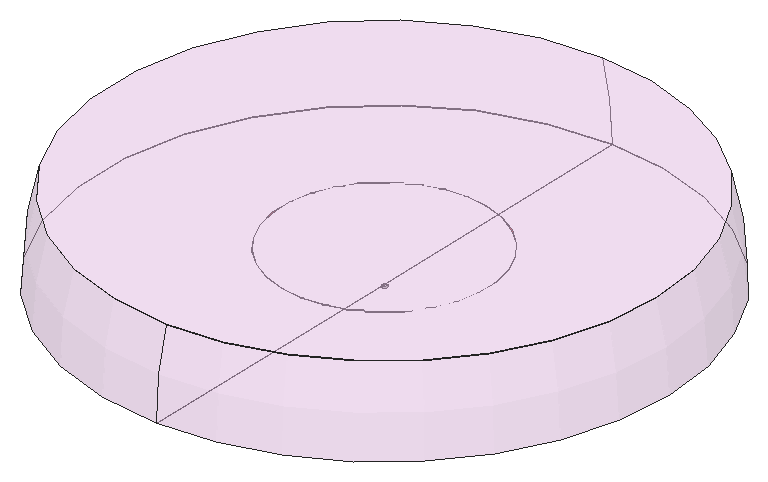
Revit family "Camera-Security-Panasonic-360-degree-Vandal_Resistant-Outdoor-Dome-Network-SFV481X", category Security Devices, host Face, Revit 2013
Parameters (values of type "WV-SFV481")
  z Void Direction [instance] = if((if(On Wall, 1, 0) + if(On Ceiling, 1, 0)) = 1, if(On Ceiling, 0, 1), 0)  # 0
  z Vertical FOV = 180.00°  # constant formula
  z VV Origin Height Offset [instance] = 2.38189"  # constant formula
  z VV Origin Height [instance] = z VV Origin Height Offset + z Base Offset  # 2.38189"
  z Lenz to PPM Target X [instance] = 0.07874" * Focal Length * 1000 / (PPM Actual * Scanning Area H / Horizontal Resolution) - z Lenz to PPM Target H  # 149.9671"
  z Lenz to PPM Target H [instance] = if(z Void Direction = 0, Distance to Floor - PPM Target Height - z VV Origin Height, Distance to Floor - PPM Target Height)  # 45.64961"
  z Horizontal FOV = 180.00°  # constant formula
  z Camera Center Offset [instance] = 0.000"  # constant formula
  z Camera Bottom Height [instance] = 0.000"  # constant formula
  z Camera Angle [instance] = 90.00°  # constant formula
  z Base Offset [instance] = if(Use Base Bracket, 1.41732", 0.000")  # 0.000"
  Wide Dynamic Range = yes
  Weight [instance] = if(Use Base Bracket, 2.87 lbf, 1.90 lbf)  # 1.90 lbf
  Water and Dust Resistance = "IP66, IEC60529 measuring standard compatible, Type 4X(UL50), NEMA 4X compliant"  # constant formula
  Voltage AC = 12 V
  Vandal Resistant = yes
  Use Base Bracket [instance] = no
  URL = "http://security.panasonic.com/pss/security/"
  Storage Temperature = "-40°F - 149°F"  # constant formula
  Show View Volume [instance] = yes
  Shock Resistance = "Compliant with 50J (IEC 60068-2-75 / IK10 (IEC 62262)"  # constant formula
  Scanning Area V = 0.21811"
  Scanning Area H = 0.21811"
  Resolution_9M [instance] = yes
  Resolution_4M [instance] = no
  Regulatory Compliance = "UL UL60950-1, C-UL CAN/CSA C22.2 No.60950-1, CE, IEC60950-1 FCC Part15 ClassA, ICES003 ClassA, EN55022 ClassB, EN55024"
  Provide Feedback = "https://www.surveymonkey.com/s/95FL6QY"
  Product Page URL = "http://security.panasonic.com/pss/security/products/hd/wv-sfv481/index.html"
  Product Material = Paint - Panasonic - Sail White
  Product Documentation Link = "http://ssbu-t.psn-web.net/Products/IP_camera/WV-SFV481/Specsheet/English/WV-SFV481-A4.pdf"
  Power Active = 10.9 W
  Part Number = Model  # "WV-SFV481"
  Part Description = Description  # "Security Camera, 360-degree, Vandal Resistant, Outdoor, Dome, 9 Megapixel, Network, SFV481"
  PPM Target Height = 70.07874"
  PPM Desired [instance] = 300
  PPM Actual [instance] = if(PPM Desired > 1, PPM Desired, 1)  # 300
  Original Creation Date = "December, 15, 2015"
  Operational Temperature = "-40°F - 122°F"  # constant formula
  Operational Humidity = "10% to 90% (no condensation)"
  On Wall [instance] = no
  On Ceiling [instance] = yes
  Mounting Positions = "Mount Dependent or Surface Mount"
  Model Disclaimer = "Contact Panasonic for more information"  # constant formula
  Model = "WV-SFV481"
  Minimum Illumination = 0.3 lx
  Manufacturer = "Panasonic"  # constant formula
  Indoor Or Outdoor = "Outdoor"
  IP Or Analog = "IP"
  Horizontal Resolution [instance] = if(and(not(Resolution_9M), not(Resolution_4M)), 2992, if(and(Resolution_9M, Resolution_4M), 2992, if(Resolution_9M, 2992, if(Resolution_4M, 2048, 2992))))  # 2992
  Height [instance] = if(Use Base Bracket, 3.79921", 2.38189")  # 2.38189"
  Has POE = yes
  Focal Length = 0.05433"
  Family Version = "1.0.0"  # constant formula
  Equipment Number [instance] = ""
  Equipment Abbreviation = "SC"
  Distance to Screen [instance] = 393.70079"
  Distance to PPM Target [instance] = if(z Lenz to PPM Target X < z Lenz to PPM Target H, 0.000", sqrt(z Lenz to PPM Target X ^ 2 - z Lenz to PPM Target H ^ 2))  # 142.85042"
  Distance to Floor [instance] = 118.11024"
  Distance to Ceiling [instance] = 0.000"
  Diameter [instance] = if(Use Base Bracket, 6.45669", 6.06299")  # 6.06299"
  Description = "Security Camera, 360-degree, Vandal Resistant, Outdoor, Dome, 9 Megapixel, Network, SFV481"
  Default Elevation = 0.000"
  Day Or Night = "Yes"
  Date Last Modified = "December, 13, 2016"
  Copyright = "Copyright © Panasonic"  # constant formula
  Communication Ports = "10Base-T / 100Base-TX, RJ-45"
  Audio Out = "Yes"
  Audio In = "Yes"
  Angle Of View = "180"
  Alarm Input Or Output Specification = "ALARM IN1 (DAY/NIGHT IN), ALARM IN2 (ALARM OUT), ALARM IN3 (AUX OUT)"
  Accessory Part Number [instance] = if(Use Base Bracket, "", "")  # ""
Reference planes (in)
  plane 1 "Center (Front/Back)": y = 0
  plane 2: z = 0
  plane 3 "Center (Left/Right)": x = 0
  plane 4: z = 0
  plane 5: y = 0
  plane 6: z = 15.43307
  plane 7: z = 0
  plane 8 "BP": z = 2.38189
Forms (in)
  Revolve 1, solid, material "Glass - Panasonic - Clear"
    sketch origin (0.02238, 0, -5.86941) x (0, 0, 1) y (1, 0, 0)
      loop
        line (8.2513, 0) -> (6.87335, 0) -> (6.87335, -1.37795)
        arc (6.87335, -1.37795) -> (7.8477, -0.97436) -> (8.2513, 0) r 1.37795
      axis (8.2513, 0) -> (6.87335, 0)
    angle from 0 to 360
  Revolve 2, solid, material "Paint - Panasonic - Sail White" <- "Product Material", visible <- "Use Base Bracket"
    sketch origin (0.00275, 0, 1.04502) x (0, 0, 1) y (1, 0, 0)
      loop
        line (-1.04502, -3.22835) -> (0.37231, -3.22835) -> (0.37231, 0) -> (-1.04502, 0) -> (-1.04502, -3.22835)
      axis (0.37231, 0) -> (-1.04502, 0)
    angle from 0 to 360
  Revolve 3, solid, material "Paint - Panasonic - Sail White" <- "Product Material", visible <- "Use Base Bracket"
    sketch origin (0, 0, 0) x (0, 0, 1) y (1, 0, 0)
      loop
        line (1.03328, 0) -> (1.03328, 1.15) -> (0, 1.15) -> (0, 0) -> (1.03328, 0)
      axis (1.03328, 0) -> (0, 0)
    angle from 0 to 360
  Revolve 4, solid, material "Paint - Panasonic - Sail White" <- "Product Material"
    sketch origin (0, -1.26558, -4.22233) x (0, 0, 1) y (0, -1, 0)
      loop
        line (5.20658, 1.76591) -> (4.22233, 1.76591) -> (4.22233, -1.26558) -> (5.93493, -1.26558) -> (5.93493, 0.30922) -> (5.20658, 1.76591)
      axis (4.22233, -1.26558) -> (5.93493, -1.26558)
    angle from 0 to 360
Cuts and joins
  joined: Revolve 2, Revolve 3
Lines and regions (in)
  reference lines
    curve 1: line (0, 0, 0) -> (0, 0, 2.6875)
    curve 2: line (0, -1, 7.87402) -> (0, 1, 7.87402)
  symbolic lines, not visible
    curve 3: line (-1.15, -2.6875, 0) -> (1.15, -2.6875, 0)
Dimensions and locks (in)
  Revolve 2 to Revolve 2 = 1.41732"
  "z Camera Bottom Height": plane 4 to plane 2
  plane 1 "Center (Front/Back)" to plane 5 = 0.000"
  "z Camera Center Offset": plane 5 to plane 1 "Center (Front/Back)"
  Revolve 1 sketch curve to Revolve 4 = 0.70866"
  Revolve 4 sketch curve to Revolve 4 sketch curve = 1.7126"
  locked: Revolve 4 sketch curve to Revolve 4 sketch curve at 0.98425
  locked: cut or joined group of Revolve 2, Revolve 3 to cut or joined group of Revolve 2, Revolve 3 at 1.41732
  "z Base Offset": plane 7 to plane 4
  "z VV Origin Height": plane 8 "BP" to level
  "z Camera Angle": angle curve 1 to plane 4
  aligned and locked: plane 2 to host face
  aligned and locked: level to host face
  aligned and locked: plane 4 to curve 1
  aligned and locked: plane 5 to curve 1
  aligned and locked: Revolve 4 sketch curve to Revolve 4 sketch curve
  aligned and locked: Revolve 4 to plane 7
Automatic sketch dimensions
  host sketch curve to host sketch curve = 96.000"  (x2)
  curve 1 to Revolve 3 sketch curve = 0.000"
  Revolve 3 sketch curve to curve 1 = 0.000"  (x2)
  Revolve 3 sketch curve to curve 1 = 1.65422"
  curve 1 to Revolve 3 sketch curve = 1.150"
  Revolve 3 sketch curve to curve 1 = 0.45341"
  Revolve 3 sketch curve to Revolve 3 sketch curve = 2.01331"
  curve 3 to plane 3 "Center (Left/Right)" = 1.150"
  plane 3 "Center (Left/Right)" to curve 3 = 1.150"
  curve 1 to curve 2 = 1.000"
  curve 1 to curve 2 = 5.18652"
  curve 2 to curve 1 = 1.000"
  plane 1 "Center (Front/Back)" to curve 3 = 2.6875"
  curve 1 to Revolve 1 sketch curve = 1.35557"
  Revolve 1 sketch curve to curve 1 = 0.02238"  (x2)
  Revolve 1 sketch curve to Revolve 1 sketch curve = 3.72875"
  Revolve 1 sketch curve to Revolve 1 sketch curve = 6.1008"
  Revolve 2 sketch curve to curve 1 = 0.00275"  (x2)
  Revolve 2 sketch curve to curve 1 = 1.27018"
  curve 1 to Revolve 2 sketch curve = 3.2256"
  Revolve 2 sketch curve to Revolve 2 sketch curve = 4.50925"
  Revolve 2 sketch curve to Revolve 2 sketch curve = 11.10818"
  Revolve 2 sketch curve to curve 1 = 2.6875"
  Revolve 4 sketch curve to curve 1 = 0.000"  (x2)
  curve 1 to Revolve 4 sketch curve = 3.0315"
  curve 1 to Revolve 4 sketch curve = 2.10297"
  Revolve 4 sketch curve to Revolve 4 sketch curve = 5.11811"
  curve 1 to Revolve 4 sketch curve = 1.5748"
Nested families (in)
  nested 1: "Camera-Security-Panasonic-ViewVolume360" at (0, 0, 2.38189), Target Horizontal Distance <- "Distance to PPM Target", Object Height <- "PPM Target Height", Base Height Offset <- "z VV Origin Height", VFOV <- "z Vertical FOV", Screen Depth <- "Distance to Screen", On Wall <- "On Wall", On Ceiling <- "On Ceiling", HFOV <- "z Horizontal FOV", Floor Distance <- "Distance to Floor", Ceiling Distance <- "Distance to Ceiling", visible <- "Show View Volume", type "Camera-Security-Panasonic-ViewVolume360"
    with z Yaw Actual 0.00°, z Void Width 826.77165", z Void Thickness 396.08268", z Void Height Start -413.38583", z Void Height End 413.38583", z Void Direction 0, z Void Angle 0.00°, z Viewpoint Origin Horizontal Offset 0.000", z Tilt Actual 0.00°, z Target Visible yes, z Target Horizontal Distance 142.85042", z Target Depth 45.64961", z Screen Depth 393.70079", z Pan Actual 0.00°, z Floor Distance 118.11024", z FOV Half 90.00°, z Ceiling Distance 0.000", z Camera Back Void Depth 397.6378", VFOV 180.00°, Target Horizontal Distance 142.85042", Screen Depth 393.70079", On Wall no, On Default Mount Type 0, On Ceiling yes, Object Height 70.07874", HFOV 180.00°, Floor Distance 118.11024", Ceiling Distance 0.000", Base Height Offset 2.38189", Base Angle Offset 0.00°
Connectors (in)
  electrical at (0, 0, 0), driven by "Voltage AC", driven by "Power Active"
    settings: on cut or joined group of Revolve 2, Revolve 3, index 1, voltage 12 V, apparent load 10.9 W, apparent load phase1 0.0 W, apparent load phase2 0.0 W, apparent load phase3 0.0 W, power factor 1, load classification "Other", number of poles 1, system type 30, power factor state 1, is connector primary yes, connector utility no, sub classification motor no, connector description "Electrical Connection"
  electrical at (0, 0, 0)
    settings: index 2, voltage 0 V, apparent load 0.0 W, apparent load phase1 0.0 W, apparent load phase2 0.0 W, apparent load phase3 0.0 W, power factor 1, load classification "Other", number of poles 1, system type 5, power factor state 1, is connector primary no, connector utility no, sub classification motor no, connector description "Data Connection"
Definition of nested family "Camera-Security-Panasonic-ViewVolume360"
  Parameters (values of type "Camera-Security-Panasonic-ViewVolume360")
    z Yaw Actual [instance] = 0.00°  # constant formula
    z Void Width [instance] = z Screen Depth * 2 + 39.37008"  # 826.77165"
    z Void Thickness [instance] = z Screen Depth + abs(Base Height Offset)  # 399.6063"
    z Void Height Start [instance] = -z Void Width / 2  # -413.38583"
    z Void Height End [instance] = z Void Width / 2  # 413.38583"
    z Void Direction [instance] = if((if(On Wall, 1, 0) + if(On Ceiling, 1, 0)) = 1, if(On Ceiling, 0, 1), On Default Mount Type)  # 0
    z Tilt Actual [instance] = if(z Void Direction = 0, 0.00°, if(z Void Direction = 1, 90.00°, 0.00°))  # 0.00°
    z Target Visible [instance] = and(Target Horizontal Distance > 0.03937", z Target Depth < z Screen Depth, z Target Depth > 3.93701")  # yes
    z Target Horizontal Distance [instance] = if(Target Horizontal Distance < 3.93701", 3.93701", Target Horizontal Distance)  # 78.74016"
    z Target Depth [instance] = if(if(z Void Direction = 0, z Floor Distance - Object Height - Base Height Offset, z Floor Distance - Object Height) < 3.93701", 3.93701", if(z Void Direction = 0, z Floor Distance - Object Height - Base Height Offset, z Floor Distance - Object Height))  # 42.12598"
    z Pan Actual [instance] = 0.00°  # constant formula
    z Floor Distance [instance] = if(Floor Distance < 3.93701", 3.93701", Floor Distance)  # 118.11024"
    z FOV Half [instance] = HFOV / 2  # 80.00°
    z Const Yaw Base2 Length = 17.32283"  # constant formula
    z Const Tilt Base2 Length = 19.68504"  # constant formula
    z Ceiling Distance [instance] = if(Ceiling Distance < 0.000", 0.000", Ceiling Distance)  # 0.000"
    z Const Void Handle Length = 23.62205"  # constant formula
    z Void Angle [instance] = if(z Void Direction = 0, 0.00° + Base Angle Offset, if(z Void Direction = 1, 90.00° + Base Angle Offset, 180.00° + Base Angle Offset))  # 0.00°
    z Screen Depth [instance] = if(Screen Depth < 7.87402", 7.87402", Screen Depth)  # 393.70079"
    z Camera Back Void Depth [instance] = z Screen Depth + z Screen Depth * 0.01  # 397.6378"
    Target Horizontal Distance [instance] = 78.74016"
    Original Creation Date = "September, 15, 2016"  # constant formula
    On Default Mount Type [instance] = 0
    Object Height [instance] = 70.07874"
    Manufacturer = "Panasonic"  # constant formula
    Family Version = "1.0.0"  # constant formula
    Date Last Modified = "September, 15, 2016"  # constant formula
    Copyright = "Copyright © Panasonic"  # constant formula
    Base Height Offset [instance] = 5.90551"
    Base Angle Offset [instance] = 0.00°
    VFOV [instance] = 33.75°
    z Target Thickness = 0.19685"  # constant formula
    Screen Depth [instance] = 393.70079"
    z Const Yaw Handle Length = 9.25197"  # constant formula
    z Const Yaw Base Length = 10.23622"  # constant formula
    z Viewpoint Origin Horizontal Offset [instance] = 0.000"  # constant formula
    z Const Tilt Handle Length = 14.17323"  # constant formula
    z Const Tilt Base Length = 9.84252"  # constant formula
    z Const Pan Handle Length = 19.68504"  # constant formula
    z Const Pan Axis Length = 15.74803"  # constant formula
    On Wall [instance] = no
    On Ceiling [instance] = yes
    HFOV [instance] = 160.00°
    Floor Distance [instance] = 118.11024"
    Ceiling Distance [instance] = 0.000"
  Reference planes (in)
    plane 1 "Center (Front/Back)": y = 0
    plane 2: z = 0
    plane 3 "Center (Left/Right)": x = 0
    plane 4 "VoidOffsetBase": z = -5.90551
  Forms (in)
    Extrusion 1, void
      sketch origin (0, 0, -5.90551) x (0, 0, 1) y (0, -1, 0)
        loop
          line (517.71654, 413.38583) -> (118.11024, 413.38583) -> (118.11024, -413.38583) -> (517.71654, -413.38583) -> (517.71654, 413.38583)
        loop
          line (0, 413.38583) -> (-399.6063, 413.38583) -> (-399.6063, -413.38583) -> (0, -413.38583) -> (0, 413.38583)
      from -413.38583 <- "z Void Height Start" to 413.38583 <- "z Void Height End"
    Revolve 2, solid, material "Panasonic - Target", visible <- "z Target Visible"
      sketch origin (0, 0, 42.12598) x (0, 0, -1) y (0, 1, 0)
        loop
          circle (0, 78.74016) r 0.19685
        axis (0.19685, 0) -> (-0.19685, 0)
      angle from 0 to 360
    Revolve 3, solid, material "Panasonic - ViewVolume"
      sketch origin (0, 0, 0) x (0, 1, 0) y (0, 0, 1)
        loop
          line (0, 0) -> (387.71959, 68.36542)
          arc (387.71959, 68.36542) -> (253.06599, 301.5923) -> (0, 393.70079) r 393.70079
          line (0, 393.70079) -> (0, 0)
        axis (0, 0) -> (0, 393.70079)
      angle from 0 to 360
    Revolve 4, void
      sketch origin (0, 0, 0) x (0, 1, 0) y (0, 0, 1)
        loop
          line (0, 0) -> (0, -397.6378)
          arc (0, -397.6378) -> (304.60822, -255.59665) -> (391.59678, 69.04908) r 397.6378
          line (391.59678, 69.04908) -> (0, 0)
        axis (0, -397.6378) -> (0, 69.04908)
      angle from 0 to 360
  Cuts and joins
    Revolve 4 cuts Revolve 2
    Extrusion 1 cuts Revolve 3
  Lines and regions (in)
    reference lines
      curve 1: line (0, 0, 0) -> (19.68504, 0, 0)
      curve 2: line (0, 0, -15.74803) -> (0, 0, 0)
      curve 3: line (0, 0, 0) -> (0, -9.84252, 0)
      curve 4: line (0, 0, 0) -> (0, 0, 19.68504)
      curve 5: line (0, 0, 14.17323) -> (0, 0, 0)
      curve 6: line (0, 0, 0) -> (0, 10.23622, 0)
      curve 7: line (0, 0, 0) -> (-17.32283, 0, 0)
      curve 8: line (0, 0, 0) -> (-9.25197, 0, 0)
      curve 9: line (0, 0, 42.12598) -> (0, 0, 0)
      curve 10: line (0, 0, -5.90551) -> (0, 0, 17.71654)
      curve 11: line (0, -413.38583, 511.81102) -> (0, 413.38583, 511.81102)
      curve 12: line (0, -413.38583, 112.20472) -> (0, -413.38583, 511.81102)
      curve 13: line (0, 413.38583, 112.20472) -> (0, -413.38583, 112.20472)
      curve 14: line (0, 413.38583, 511.81102) -> (0, 413.38583, 112.20472)
      curve 15: line (0, -413.38583, -5.90551) -> (0, 413.38583, -5.90551)
      curve 16: line (0, -413.38583, -405.51181) -> (0, -413.38583, -5.90551)
      curve 17: line (0, 413.38583, -405.51181) -> (0, -413.38583, -405.51181)
      curve 18: line (0, 413.38583, -5.90551) -> (0, 413.38583, -405.51181)
  Dimensions and locks (in)
    "z Const Pan Handle Length": curve 1 to curve 1
    "z Const Pan Axis Length": curve 2 to curve 2
    "z Const Tilt Base Length": curve 3 to curve 3
    "z Const Pan Axis Length": curve 1 to curve 2
    "z Viewpoint Origin Horizontal Offset": curve 4 to curve 2
    "z Const Tilt Base2 Length": curve 4 to curve 4
    "z Const Tilt Handle Length": curve 5 to curve 5
    "z Const Yaw Base Length": curve 6 to curve 6
    "z Const Yaw Base2 Length": curve 7 to curve 7
    "z Const Yaw Handle Length": curve 8 to curve 8
    "z Target Depth": curve 9 to curve 9
    "z Const Void Handle Length": curve 10 to curve 10
    equal spacing: curve 12, curve 10, curve 14
    "z Void Width": curve 12 to curve 14
    "z Floor Distance": curve 13 to curve 10
    "z Ceiling Distance": curve 15 to curve 10
    "z Void Thickness": curve 17 to curve 15
    "z Void Thickness": curve 11 to curve 13
    "Base Height Offset": level to plane 4 "VoidOffsetBase"
    "z Target Horizontal Distance": curve 10 to Revolve 2 sketch curve
    "z Camera Back Void Depth": Revolve 4 sketch curve to Revolve 4 sketch curve  (x2)
    "z Screen Depth": Revolve 3 sketch curve to Revolve 3 sketch curve  (x2)
    "z Target Thickness": radius of Revolve 2 sketch curve
    "z Screen Depth": radius of Revolve 3 sketch curve
    "z Camera Back Void Depth": radius of Revolve 4 sketch curve
    locked: curve 3 to curve 2 (angle 90.00°)
    locked: curve 3 to curve 4 (angle 90.00°)
    "z Tilt Actual": angle curve 4 to curve 5
    locked: curve 6 to curve 7 (angle 90.00°)
    locked: curve 6 to curve 5 (angle 90.00°)
    locked: curve 9 to curve 5 (angle 0.00°)
    "z Void Angle": angle plane 1 "Center (Front/Back)" to curve 10
    "z Yaw Actual": angle curve 7 to curve 8
    "z Pan Actual": angle plane 1 "Center (Front/Back)" to curve 1
    "z FOV Half": angle Revolve 4 sketch curve to plane 1 "Center (Front/Back)"
    "z FOV Half": angle Revolve 3 sketch curve to plane 1 "Center (Front/Back)"
    aligned and locked: level to plane 2
    aligned and locked: curve 2 to curve 1
    aligned and locked: curve 2 to curve 3
    aligned and locked: curve 3 to curve 2
    aligned and locked: curve 3 to curve 5
    aligned and locked: curve 6 to curve 7
    aligned and locked: curve 6 to curve 8
    aligned and locked: curve 8 to curve 7
    aligned and locked: curve 7 to curve 6
    aligned and locked: plane 1 "Center (Front/Back)" to curve 10
    aligned and locked: curve 16 to curve 12
    aligned and locked: curve 14 to curve 18
    aligned and locked: Extrusion 1 sketch curve to curve 11
    aligned and locked: Extrusion 1 sketch curve to curve 12
    aligned and locked: Extrusion 1 sketch curve to curve 13
    aligned and locked: Extrusion 1 sketch curve to curve 14
    aligned and locked: Extrusion 1 sketch curve to curve 15
    aligned and locked: Extrusion 1 sketch curve to curve 16
    aligned and locked: Extrusion 1 sketch curve to curve 17
    aligned and locked: Extrusion 1 sketch curve to curve 18
    aligned and locked: Extrusion 1 sketch curve to Extrusion 1 sketch curve  (x8)
    aligned and locked: plane 3 "Center (Left/Right)" to curve 1
    aligned and locked: plane 1 "Center (Front/Back)" to curve 1
    aligned and locked: level to curve 2
    aligned and locked: plane 4 "VoidOffsetBase" to curve 10
    aligned and locked: plane 1 "Center (Front/Back)" to Revolve 4 sketch curve
    aligned and locked: level to Revolve 4 sketch curve
    aligned and locked: level to Revolve 3 sketch curve
    aligned and locked: plane 1 "Center (Front/Back)" to Revolve 3 sketch curve
  Automatic sketch dimensions
    curve 9 to curve 8 = 0.000"  (x2)
    curve 6 to curve 5 = 0.000"
    curve 6 to curve 5 = 10.23622"
    Revolve 2 sketch curve to curve 9 = 0.000"  (x3)
    curve 9 to Revolve 2 sketch curve = 0.000"
    Revolve 3 sketch curve to level = 0.000"
    Revolve 3 sketch curve to plane 1 "Center (Front/Back)" = 0.000"
    Revolve 3 sketch curve to Revolve 3 sketch curve = 0.000"
    Revolve 4 sketch curve to level = 0.000"
    Revolve 4 sketch curve to plane 1 "Center (Front/Back)" = 0.000"
    Revolve 4 sketch curve to Revolve 4 sketch curve = 107.05185"
